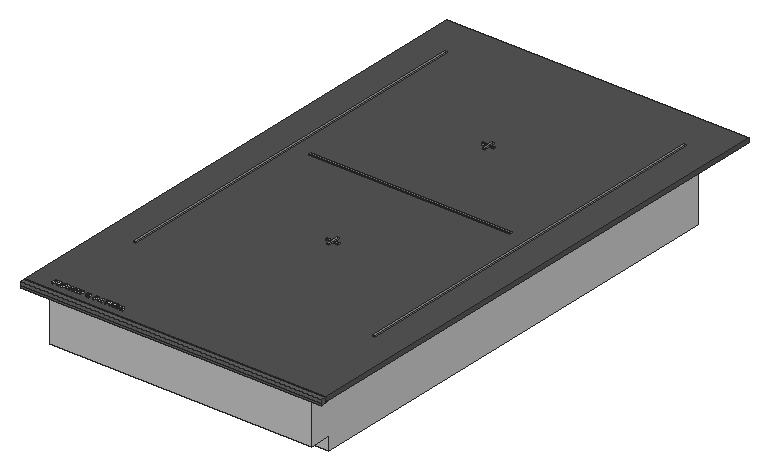
Revit family "FP_Revit_18_CI122DTB4_Cooktop_90000837A", category Specialty Equipment, Revit 2018
Family settings
  Round Connector Dimension = Use Diameter
  Part Type = Normal
  OmniClass Number = 23.40.40.14.17.11
  OmniClass Title = Cookers, Ovens, Stoves
  Work Plane-Based = No
  Always vertical = Yes
  Cut with Voids When Loaded = Yes
  Shared = No
  Room Calculation Point = No
Parameters
  Visibility - Clearance Required = yes
  URL = "www.fisherpaykel.com"
  Product - Width = 299 mm  # constant formula
  Product - Height = 99 mm  # constant formula
  Product - Depth = 530 mm  # constant formula
  Model = "CI122DTB4"
  Material - Trim = Fisher & Paykel - Aluminium, Dark
  Material - Graphics = Fisher & Paykel - Graphics Grey
  Material - Cooktop = Fisher & Paykel - Glass, Black
  Material - Body = Fisher & Paykel - Grey
  Manufacturer = "Fisher & Paykel Appliances"
  FFL Offset [instance] = 915 mm
  Description = "12\" Induction Cooktop"
  Connector Note - Electrical = "208 or 240 V, 14 A or 16 A, 60 Hz,"
  Clearance - Side Combustible = 30 mm  # constant formula
  Clearance - Rear Combustible = 30 mm  # constant formula
  Clearance - Overhead Rangehood = 650 mm  # constant formula
  Clearance - Overhead Non-Combustible = 610 mm  # constant formula
  Clearance - Overhead Combustible = 762 mm  # constant formula
  Clearance - Below = 65 mm  # constant formula
  Chassis - Width = 260 mm  # constant formula
  Chassis - Height = 62 mm  # constant formula
  Chassis - Depth = 480 mm  # constant formula
  Cavity - Width = 270 mm  # constant formula
  Cavity - Height = 63 mm  # constant formula
  Cavity - Depth = 490 mm  # constant formula
Reference planes
  plane 1 "Datum": y = 0
  plane 2: z = 0
  plane 3 "Center (Left/Right)": x = 0
  plane 4 "Product LHS": x = -149.5
  plane 5 "Product RHS": x = 149.5
  plane 6 "Product - Depth": y = 530
  plane 7 "Cavity LHS": x = -135
  plane 8 "Cavity RHS": x = 135
  plane 9 "Chassis - Front": y = 12.2
  plane 10 "Cavity - Front": y = 7.2
  plane 11 "Cavity - Depth": y = 497.2
  plane 12 "Chassis - Depth": y = 492.2
  plane 13 "Basepan": z = 853
  plane 14 "Countertop": z = 915
  plane 15 "Glass": z = 920
Forms (mm)
  Extrusion 1, solid, material "Fisher & Paykel - Glass, Black" <- "Material - Cooktop"
    sketch origin (0, 0, 0) x (0, 1, 0) y (0, 0, 1)
      loop
        line (5.299, 920) -> (5.299, 916) -> (530, 916) -> (530, 920) -> (5.299, 920)
    from -149.5 to 149.5
  Extrusion 2, solid, material "Fisher & Paykel - Aluminium, Dark" <- "Material - Trim", detail levels fine
    sketch origin (0, 0, 0) x (0, 1, 0) y (0, 0, 1)
      loop
        line (5.299, 920) -> (0.45, 920) -> (0, 916.5) -> (0, 915) -> (8.39, 915) -> (8.39, 916) -> (5.299, 916) -> (5.299, 920)
    from -149.5 to 149.5
  Extrusion 3, solid, material "Fisher & Paykel - Clearance Required (Cutout)", visible <- "Visibility - Clearance Required", detail levels coarse
    sketch origin (0, 0, 0) x (1, 0, 0) y (0, 1, 0)
      loop
        line (-135, 497.2) -> (-135, 7.2) -> (135, 7.2) -> (135, 497.2) -> (-135, 497.2)
    from 852 to 915
  Extrusion 4, solid, material "Fisher & Paykel - Aluminium, Dark" <- "Material - Trim", detail levels coarse+medium
    sketch origin (0, 0, 0) x (0, 1, 0) y (0, 0, 1)
      loop
        line (5.299, 920) -> (0, 920) -> (0, 915) -> (5.299, 915) -> (5.299, 920)
    from -149.5 to 149.5
  Extrusion 5, solid, material "Fisher & Paykel - Clearance Required (Combustible)", visible <- "Visibility - Clearance Required", detail levels coarse
    sketch origin (0, 0, 0) x (1, 0, 0) y (0, 1, 0)
      loop
        line (149.5, 0) -> (165, 0) -> (165, 538.387) -> (-165, 538.387) -> (-165, 0) -> (-149.5, 0) -> (-149.5, 530) -> (149.5, 530) -> (149.5, 0)
    from 920 to 1682
  Extrusion 6, solid, material "Fisher & Paykel - Clearance Required (Non-Combustible)", visible <- "Visibility - Clearance Required", detail levels coarse
    sketch origin (0, 0, 0) x (1, 0, 0) y (0, 1, 0)
      loop
        line (-149.5, 0) -> (149.5, 0) -> (149.5, 530) -> (-149.5, 530) -> (-149.5, 0)
    from 920 to 1530
  Extrusion 7, solid, material "Fisher & Paykel - Clearance Required (Rangehood)", visible <- "Visibility - Clearance Required", detail levels coarse
    sketch origin (0, 0, 0) x (1, 0, 0) y (0, 1, 0)
      loop
        line (-149.5, 530) -> (-149.5, 0) -> (149.5, 0) -> (149.5, 530) -> (-149.5, 530)
    from 1530 to 1570
  Extrusion 8, solid, material "Fisher & Paykel - Clearance Required", visible <- "Visibility - Clearance Required", detail levels coarse
    sketch origin (0, 0, 0) x (1, 0, 0) y (0, 1, 0)
      loop
        line (-135, 7.2) -> (135, 7.2) -> (135, 497.2) -> (-135, 497.2) -> (-135, 7.2)
    from 787 to 852
  Extrusion 9, solid, material "Fisher & Paykel - Grey" <- "Material - Body"
    sketch origin (0, 0, 0) x (0, 1, 0) y (0, 0, 1)
      loop
        line (34.2, 865.8) -> (34.2, 853) -> (492.2, 853) -> (492.2, 915) -> (12.2, 915) -> (12.2, 865.8) -> (34.2, 865.8)
    from -130 to 130
  Extrusion 10, solid, material "Fisher & Paykel - Grey" <- "Material - Body"
    sketch origin (0, 0, 0) x (1, 0, 0) y (0, 1, 0)
      loop
        line (-140, 520.2) -> (-140, 8.39) -> (140, 8.39) -> (140, 520.2) -> (-140, 520.2)
    from 915 to 916
  Extrusion 11, solid, material "Fisher & Paykel - Graphics Grey" <- "Material - Graphics", detail levels fine
    sketch origin (0, 0, 0) x (1, 0, 0) y (0, 1, 0)
      loop
        line (-119.982, 489.688) -> (-119.982, 103.77) -> (-117.782, 103.77) -> (-117.782, 489.688) -> (-119.982, 489.688)
      loop
        line (117.568, 103.77) -> (119.768, 103.77) -> (119.768, 489.908) -> (117.568, 489.908) -> (117.568, 103.77)
      loop
        line (-100, 298.273) -> (-100, 296.073) -> (100, 296.073) -> (100, 298.273) -> (-100, 298.273)
      loop
        line (1.001, 400.223) -> (-0.967, 400.223) -> (-0.967, 395.057) -> (-6.133, 395.057) -> (-6.133, 393.089) -> (-0.967, 393.089) -> (-0.967, 387.923) -> (1.001, 387.923) -> (1.001, 393.089) -> (6.167, 393.089) -> (6.167, 395.057) -> (1.001, 395.057) -> (1.001, 400.223)
      loop
        line (1.001, 207.02) -> (-0.967, 207.02) -> (-0.967, 201.854) -> (-6.133, 201.854) -> (-6.133, 199.886) -> (-0.967, 199.886) -> (-0.967, 194.72) -> (1.001, 194.72) -> (1.001, 199.886) -> (6.167, 199.886) -> (6.167, 201.854) -> (1.001, 201.854) -> (1.001, 207.02)
    from 920 to 921
  Extrusion 12, void
    sketch origin (0, 7.2, 0) x (1, 0, 0) y (0, 0, 1)
      loop
        circle (99.75, 873.15) r 11.347
    from -485 to -480
  Extrusion 13, solid, material "Fisher & Paykel - Clearance Required (Combustible)", visible <- "Visibility - Clearance Required", detail levels coarse
    sketch origin (0, 0, 0) x (1, 0, 0) y (0, 1, 0)
      loop
        line (-149.5, 530) -> (-149.5, 0) -> (149.5, 0) -> (149.5, 530) -> (-149.5, 530)
    from 1570 to 1682
  Extrusion 14, void
    sketch origin (0, 0, 0) x (1, 0, 0) y (0, 1, 0)
      loop
        line (-135, 7.2) -> (135, 7.2) -> (135, 497.2) -> (-135, 497.2) -> (-135, 7.2)
    from 787 to 915
Cuts and joins
  Extrusion 12 cuts Extrusion 9
Text (mm)
  text "Due to ongoing product development, product details are subject to change without notice. \nPlease always refer to www.fisherpaykel.com for the most current product information. \n© Fisher & Paykel 2020" at (41.04, -387.478, 0), in view "Ref. Level (Plan)"
Dimensions and locks
  equal spacing: plane 4 "Product LHS", plane 3 "Center (Left/Right)", plane 5 "Product RHS"
  "Product - Width": plane 4 "Product LHS" to plane 5 "Product RHS"
  equal spacing: plane 7 "Cavity LHS", plane 3 "Center (Left/Right)", plane 8 "Cavity RHS"
  "Cavity - Width": plane 7 "Cavity LHS" to plane 8 "Cavity RHS"
  "Product - Depth": Extrusion 1 to plane 1 "Datum"
  equal spacing: Extrusion 9, plane 3 "Center (Left/Right)", Extrusion 9
  "Chassis - Width": Extrusion 9 to Extrusion 9
  "Clearance - Side Combustible": plane 8 "Cavity RHS" to Extrusion 5
  "Clearance - Side Combustible": Extrusion 5 to plane 7 "Cavity LHS"
  plane 1 "Datum" to plane 9 "Chassis - Front" = 12.2 mm
  plane 10 "Cavity - Front" to plane 9 "Chassis - Front" = 5 mm
  "Cavity - Depth": plane 11 "Cavity - Depth" to plane 10 "Cavity - Front"
  "Chassis - Depth": plane 12 "Chassis - Depth" to plane 9 "Chassis - Front"
  equal spacing: Extrusion 10 sketch curve, plane 3 "Center (Left/Right)", Extrusion 10 sketch curve
  plane 4 "Product LHS" to Extrusion 10 sketch curve = 9.5 mm
  locked: plane 15 "Glass" to plane 14 "Countertop" at 5
  "Chassis - Height": plane 14 "Countertop" to plane 13 "Basepan"
  "FFL Offset": plane 14 "Countertop" to level
  "Cavity - Height": plane 14 "Countertop" to Extrusion 8
  "Clearance - Below": Extrusion 8 to Extrusion 8
  locked: Extrusion 11 to plane 15 "Glass" at 1
  locked: nested 1 to plane 15 "Glass" at 0.8
  locked: plane 15 "Glass" to Extrusion 1 sketch curve at 4
  locked: plane 13 "Basepan" to Extrusion 12 sketch curve at 20.15
  "Clearance - Overhead Non-Combustible": Extrusion 7 to plane 15 "Glass"
  "Clearance - Overhead Rangehood": Extrusion 7 to plane 15 "Glass"
  "Clearance - Overhead Combustible": Extrusion 5 to plane 15 "Glass"
  aligned and locked: level to plane 2
  aligned and locked: Extrusion 1 to plane 5 "Product RHS"
  aligned and locked: Extrusion 1 to plane 4 "Product LHS"
  aligned and locked: Extrusion 2 to plane 5 "Product RHS"
  aligned and locked: Extrusion 7 to Extrusion 6
  aligned and locked: plane 4 "Product LHS" to Extrusion 4
  aligned and locked: Extrusion 4 to plane 5 "Product RHS"
  aligned and locked: Extrusion 4 to Extrusion 1
  aligned and locked: Extrusion 1 to Extrusion 4  (x2)
  aligned and locked: Extrusion 5 sketch curve to plane 5 "Product RHS"
  aligned and locked: plane 11 "Cavity - Depth" to Extrusion 3
  aligned and locked: Extrusion 3 to Extrusion 8
  aligned and locked: Extrusion 8 to Extrusion 3  (x2)
  aligned and locked: plane 10 "Cavity - Front" to Extrusion 8
  aligned and locked: plane 4 "Product LHS" to Extrusion 2
  aligned and locked: Extrusion 6 to plane 15 "Glass"
  aligned and locked: Extrusion 5 to Extrusion 6
  aligned and locked: plane 14 "Countertop" to Extrusion 3
  aligned and locked: plane 14 "Countertop" to Extrusion 9 sketch curve
  aligned and locked: Extrusion 9 to plane 13 "Basepan"
  aligned and locked: Extrusion 5 to Extrusion 11
  aligned and locked: Extrusion 1 sketch curve to plane 15 "Glass"
  aligned and locked: Extrusion 10 to Extrusion 1
  aligned and locked: Extrusion 10 to Extrusion 3
  aligned and locked: Extrusion 4 to Extrusion 2
  aligned and locked: Extrusion 2 to Extrusion 1
  aligned and locked: Extrusion 2 to Extrusion 3
  aligned and locked: Extrusion 1 to Extrusion 2
  aligned and locked: Extrusion 5 to Extrusion 13
  aligned and locked: Extrusion 13 to Extrusion 7
  aligned and locked: Extrusion 14 to Extrusion 3
  aligned and locked: Extrusion 14 to Extrusion 8
Automatic sketch dimensions
  Extrusion 1 sketch curve to plane 6 "Product - Depth" = 0 mm
  plane 10 "Cavity - Front" to Extrusion 1 sketch curve = 1.901 mm
  Extrusion 2 sketch curve to plane 1 "Datum" = 0 mm
  Extrusion 2 sketch curve to plane 15 "Glass" = 0 mm
  Extrusion 2 sketch curve to plane 14 "Countertop" = 0 mm
  Extrusion 2 sketch curve to plane 1 "Datum" = 0.45 mm
  plane 10 "Cavity - Front" to Extrusion 2 sketch curve = 1.901 mm
  Extrusion 2 sketch curve to plane 10 "Cavity - Front" = 1.19 mm
  Extrusion 2 sketch curve to Extrusion 2 sketch curve = 1 mm
  Extrusion 2 sketch curve to Extrusion 2 sketch curve = 1.5 mm
  plane 10 "Cavity - Front" to Extrusion 3 sketch curve = 0 mm
  Extrusion 3 sketch curve to plane 11 "Cavity - Depth" = 0 mm
  plane 7 "Cavity LHS" to Extrusion 3 sketch curve = 0 mm
  Extrusion 3 sketch curve to plane 8 "Cavity RHS" = 0 mm
  Extrusion 4 sketch curve to plane 1 "Datum" = 0 mm
  Extrusion 4 sketch curve to plane 14 "Countertop" = 0 mm
  Extrusion 4 sketch curve to plane 15 "Glass" = 0 mm
  plane 10 "Cavity - Front" to Extrusion 4 sketch curve = 1.901 mm
  plane 1 "Datum" to Extrusion 5 sketch curve = 0 mm  (x2)
  Extrusion 5 sketch curve to plane 4 "Product LHS" = 0 mm
  Extrusion 5 sketch curve to plane 6 "Product - Depth" = 0 mm
  plane 4 "Product LHS" to Extrusion 5 sketch curve = 15.5 mm
  Extrusion 5 sketch curve to plane 5 "Product RHS" = 15.5 mm
  plane 6 "Product - Depth" to Extrusion 5 sketch curve = 8.387 mm
  Extrusion 6 sketch curve to plane 4 "Product LHS" = 0 mm
  Extrusion 6 sketch curve to plane 5 "Product RHS" = 0 mm
  plane 1 "Datum" to Extrusion 6 sketch curve = 0 mm
  Extrusion 6 sketch curve to plane 6 "Product - Depth" = 0 mm
  plane 1 "Datum" to Extrusion 7 sketch curve = 0 mm
  Extrusion 7 sketch curve to plane 4 "Product LHS" = 0 mm
  Extrusion 7 sketch curve to plane 5 "Product RHS" = 0 mm
  Extrusion 7 sketch curve to plane 6 "Product - Depth" = 0 mm
  Extrusion 8 sketch curve to plane 11 "Cavity - Depth" = 0 mm
  plane 10 "Cavity - Front" to Extrusion 8 sketch curve = 0 mm
  plane 7 "Cavity LHS" to Extrusion 8 sketch curve = 0 mm
  Extrusion 8 sketch curve to plane 8 "Cavity RHS" = 0 mm
  Extrusion 9 sketch curve to plane 9 "Chassis - Front" = 0 mm
  Extrusion 9 sketch curve to plane 13 "Basepan" = 0 mm
  Extrusion 9 sketch curve to plane 12 "Chassis - Depth" = 0 mm
  Extrusion 9 sketch curve to plane 9 "Chassis - Front" = 22 mm
  plane 13 "Basepan" to Extrusion 9 sketch curve = 12.8 mm
  Extrusion 10 sketch curve to plane 10 "Cavity - Front" = 1.19 mm
  Extrusion 10 sketch curve to plane 6 "Product - Depth" = 9.8 mm
  Extrusion 11 sketch curve to plane 7 "Cavity LHS" = 15.018 mm
  Extrusion 11 sketch curve to Extrusion 11 sketch curve = 2.2 mm  (x3)
  Extrusion 11 sketch curve to plane 7 "Cavity LHS" = 35 mm
  Extrusion 11 sketch curve to plane 3 "Center (Left/Right)" = 6.133 mm  (x2)
  Extrusion 11 sketch curve to plane 3 "Center (Left/Right)" = 0.967 mm  (x4)
  plane 3 "Center (Left/Right)" to Extrusion 11 sketch curve = 1.001 mm  (x4)
  Extrusion 11 sketch curve to Extrusion 11 sketch curve = 5.166 mm  (x6)
  plane 8 "Cavity RHS" to Extrusion 11 sketch curve = 35 mm
  Extrusion 11 sketch curve to plane 12 "Chassis - Depth" = 2.292 mm
  plane 8 "Cavity RHS" to Extrusion 11 sketch curve = 17.432 mm
  Extrusion 11 sketch curve to plane 12 "Chassis - Depth" = 2.512 mm
  Extrusion 11 sketch curve to plane 12 "Chassis - Depth" = 91.977 mm
  Extrusion 11 sketch curve to Extrusion 11 sketch curve = 0 mm  (x2)
  Extrusion 11 sketch curve to Extrusion 11 sketch curve = 1.968 mm  (x4)
  Extrusion 11 sketch curve to Extrusion 11 sketch curve = 94.816 mm
  Extrusion 11 sketch curve to Extrusion 11 sketch curve = 89.053 mm
  Extrusion 11 sketch curve to plane 9 "Chassis - Front" = 91.57 mm  (x2)
  plane 8 "Cavity RHS" to Extrusion 12 sketch curve = 35.25 mm
  plane 1 "Datum" to Extrusion 13 sketch curve = 0 mm
  Extrusion 13 sketch curve to plane 4 "Product LHS" = 0 mm
  Extrusion 13 sketch curve to plane 5 "Product RHS" = 0 mm
  Extrusion 13 sketch curve to plane 6 "Product - Depth" = 0 mm
  Extrusion 14 sketch curve to plane 11 "Cavity - Depth" = 0 mm
  plane 10 "Cavity - Front" to Extrusion 14 sketch curve = 0 mm
  plane 7 "Cavity LHS" to Extrusion 14 sketch curve = 0 mm
  Extrusion 14 sketch curve to plane 8 "Cavity RHS" = 0 mm
  radius of Extrusion 12 sketch curve = 11.347 mm
Nested families
  nested 1: "F&P Logo 70mm Horizontal" at (-94.001, 14.253, 920), type "F&P Logo 70mm Horizontal"
Connectors
  electrical at (99.75, 487.2, 873.15), driven by "Connector Note - Electrical"
    settings: on cut or joined group of Extrusion 9, Extrusion 12, index 1, voltage 120 V, apparent load 0 VA, apparent load phase1 0 VA, apparent load phase2 0 VA, apparent load phase3 0 VA, power factor 1, load classification "Other", number of poles 2, system type 30, power factor state 1, is connector primary yes, connector utility no, sub classification motor no, connector description "208 or 240 V, 14 A or 16 A, 60 Hz,"
Definition of nested family "F&P Logo 70mm Horizontal"
  Parameters (values of type "F&P Logo 70mm Horizontal")
    URL = "www.fisherpaykel.com"
    Material - Logo = none
    Manufacturer = "Fisher & Paykel Appliances"
  Reference planes
    plane 1 "Center (Front/Back)": y = 0
    plane 2: z = 0
    plane 3 "Center (Left/Right)": x = 0
  Forms (mm)
    Extrusion 1, solid, material <- "Material - Logo", detail levels fine
      sketch origin (0, 0, 0) x (1, 0, 0) y (0, 1, 0)
        loop
          line (-34.997, -0.356) -> (-33.895, -0.356) -> (-33.895, 1.141) -> (-32.174, 1.141) -> (-32.174, 2.075) -> (-33.895, 2.075) -> (-33.895, 2.943) -> (-32.023, 2.943) -> (-32.023, 3.872) -> (-34.997, 3.872) -> (-34.997, -0.356)
        loop
          line (-29.929, 3.872) -> (-29.929, -0.356) -> (-28.828, -0.356) -> (-28.828, 3.872) -> (-29.929, 3.872)
        loop
          line (-21.473, 3.872) -> (-21.473, -0.356) -> (-20.372, -0.356) -> (-20.372, 1.338) -> (-18.754, 1.338) -> (-18.754, -0.356) -> (-17.652, -0.356) -> (-17.652, 3.872) -> (-18.754, 3.872) -> (-18.754, 2.268) -> (-20.372, 2.268) -> (-20.372, 3.872) -> (-21.473, 3.872)
        loop
          line (-15.301, 3.872) -> (-15.301, -0.356) -> (-12.288, -0.356) -> (-12.288, 0.444) -> (-14.209, 0.444) -> (-14.209, 1.338) -> (-12.453, 1.338) -> (-12.453, 2.268) -> (-14.209, 2.268) -> (-14.209, 3.072) -> (-12.288, 3.072) -> (-12.288, 3.872) -> (-15.301, 3.872)
        loop
          line (32, 3.872) -> (32, -0.356) -> (35.003, -0.356) -> (35.003, 0.574) -> (33.102, 0.574) -> (33.102, 3.872) -> (32, 3.872)
        loop
          line (29.735, 3.872) -> (26.712, 3.872) -> (26.712, -0.356) -> (29.735, -0.356) -> (29.735, 0.444) -> (27.814, 0.444) -> (27.814, 1.338) -> (29.57, 1.338) -> (29.57, 2.268) -> (27.814, 2.268) -> (27.814, 3.072) -> (29.735, 3.072) -> (29.735, 3.872)
        loop
          line (23.449, 1.848) -> (25.012, 3.872) -> (23.724, 3.872) -> (22.374, 2.124) -> (22.374, 3.872) -> (21.273, 3.872) -> (21.273, -0.356) -> (22.374, -0.356) -> (22.374, 1.538) -> (23.765, -0.356) -> (25.067, -0.356) -> (23.449, 1.848)
        loop
          line (15.42, 3.872) -> (17.017, 1.338) -> (17.017, -0.356) -> (18.119, -0.356) -> (18.119, 1.283) -> (19.717, 3.872) -> (18.546, 3.872) -> (17.603, 2.239) -> (16.66, 3.872) -> (15.42, 3.872)
        loop
          line (12.969, 3.872) -> (11.922, 3.872) -> (10.2, -0.356) -> (11.282, -0.356) -> (11.585, 0.422) -> (13.278, 0.422) -> (13.581, -0.356) -> (14.69, -0.356) -> (12.969, 3.872)
        loop
          line (12.913, 1.352) -> (12.419, 2.566) -> (11.946, 1.352) -> (12.913, 1.352)
        loop
          line (5.556, 3.872) -> (5.556, -0.356) -> (6.653, -0.356) -> (6.653, 1.001) -> (7.453, 1.001)
          spline (7.453, 1.001) -> (7.884, 1.05) -> (8.285, 1.193) -> (8.63, 1.421) -> (8.895, 1.719) -> (9.061, 2.065) -> (9.118, 2.436) -> (9.061, 2.808) -> (8.895, 3.154) -> (8.63, 3.452) -> (8.285, 3.68) -> (7.884, 3.823) -> (7.453, 3.872)
          line (7.453, 3.872) -> (5.556, 3.872)
        loop
          spline (7.385, 1.882) -> (7.558, 1.9) -> (7.72, 1.953) -> (7.858, 2.037) -> (7.965, 2.147) -> (8.032, 2.275) -> (8.055, 2.412) -> (8.032, 2.55) -> (7.965, 2.677) -> (7.858, 2.787) -> (7.72, 2.872) -> (7.558, 2.924) -> (7.385, 2.943)
          line (7.385, 2.943) -> (6.585, 2.943) -> (6.585, 1.882) -> (7.385, 1.882)
        loop
          line (-8.294, 2.943) -> (-9.094, 2.943) -> (-9.094, 1.781) -> (-8.294, 1.781)
          spline (-8.294, 1.781) -> (-8.121, 1.801) -> (-7.96, 1.859) -> (-7.822, 1.951) -> (-7.716, 2.072) -> (-7.649, 2.212) -> (-7.626, 2.362) -> (-7.649, 2.512) -> (-7.716, 2.652) -> (-7.822, 2.772) -> (-7.96, 2.865) -> (-8.121, 2.923) -> (-8.294, 2.943)
        loop
          line (-8.214, 3.872) -> (-10.262, 3.872) -> (-10.262, -0.356) -> (-9.094, -0.356) -> (-9.094, 0.492) -> (-8.294, 0.492) -> (-7.647, -0.356) -> (-6.373, -0.356) -> (-7.445, 1.016)
          spline (-7.445, 1.016) -> (-7.148, 1.205) -> (-6.902, 1.45) -> (-6.72, 1.739) -> (-6.611, 2.058) -> (-6.58, 2.391) -> (-6.628, 2.723) -> (-6.754, 3.037) -> (-6.95, 3.317) -> (-7.208, 3.551) -> (-7.515, 3.726) -> (-7.856, 3.835) -> (-8.214, 3.872)
        loop
          line (0.368, 2.943) -> (0.368, 3.951) -> (-2.559, 3.951) -> (-2.559, 3.151) -> (-2.048, 2.522)
          spline (-2.048, 2.522) -> (-2.373, 2.187) -> (-2.606, 1.789) -> (-2.731, 1.355) -> (-2.74, 0.914) -> (-2.632, 0.497) -> (-2.414, 0.133) -> (-2.102, -0.155) -> (-1.716, -0.347) -> (-1.283, -0.429) -> (-0.832, -0.395) -> (-0.395, -0.249) -> (0, 0)
          line (0, 0) -> (0.504, -0.621) -> (1.644, -0.621) -> (0.602, 0.712) -> (1.591, 2.137) -> (0.459, 2.137) -> (0.003, 1.48) -> (-1.14, 2.943) -> (0.368, 2.943)
        loop
          spline (-1.353, 1.874) -> (-1.563, 1.673) -> (-1.729, 1.449) -> (-1.839, 1.217) -> (-1.886, 0.992) -> (-1.867, 0.792) -> (-1.783, 0.627) -> (-1.639, 0.511) -> (-1.447, 0.451) -> (-1.218, 0.451) -> (-0.968, 0.512) -> (-0.714, 0.628) -> (-0.475, 0.792)
          line (-0.475, 0.792) -> (-1.353, 1.874)
        loop
          arc (-25.449, 3.004) -> (-24.591, 2.949) -> (-23.808, 2.592) r 2.379
          line (-23.808, 2.592) -> (-23.808, 3.586)
          arc (-23.808, 3.586) -> (-24.619, 3.915) -> (-25.494, 3.936) r 2.437
          arc (-25.494, 3.936) -> (-26.617, 2.99) -> (-26.18, 1.588) r 1.327
          arc (-26.18, 1.588) -> (-25.746, 1.367) -> (-25.276, 1.236) r 2.46
          spline (-25.276, 1.236) -> (-25.124, 1.211) -> (-24.98, 1.158) -> (-24.856, 1.083) -> (-24.761, 0.989) -> (-24.703, 0.886) -> (-24.686, 0.78) -> (-24.713, 0.681) -> (-24.78, 0.596) -> (-24.882, 0.532) -> (-25.011, 0.494) -> (-25.158, 0.485) -> (-25.311, 0.505)
          arc (-25.311, 0.505) -> (-26.045, 0.647) -> (-26.714, 0.98) r 2.761
          line (-26.714, 0.98) -> (-26.714, -0.067)
          arc (-26.714, -0.067) -> (-25.66, -0.377) -> (-24.564, -0.318) r 3.237
          arc (-24.564, -0.318) -> (-23.597, 0.72) -> (-24.205, 2.002) r 1.263
          arc (-24.205, 2.002) -> (-24.834, 2.249) -> (-25.488, 2.42) r 5.78
          spline (-25.488, 2.42) -> (-25.537, 2.449) -> (-25.58, 2.49) -> (-25.615, 2.541) -> (-25.639, 2.6) -> (-25.653, 2.664) -> (-25.654, 2.73) -> (-25.644, 2.795) -> (-25.622, 2.856) -> (-25.59, 2.909) -> (-25.549, 2.953) -> (-25.502, 2.985) -> (-25.449, 3.004)
      from 0 to 0.8
  Dimensions and locks
    Extrusion 1 sketch curve to Extrusion 1 sketch curve = 70 mm
    aligned and locked: level to plane 2
